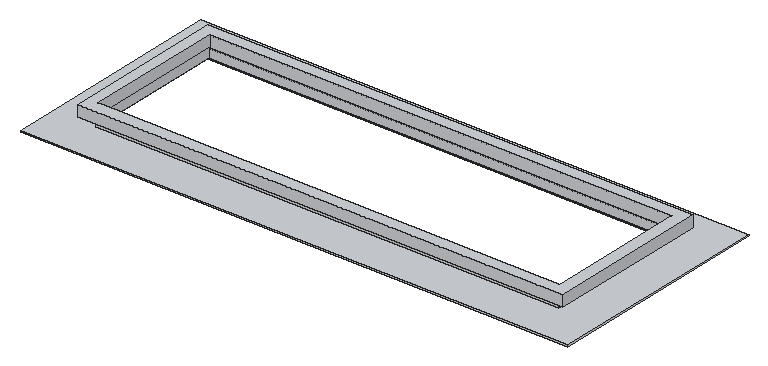
Revit family "IOSK5", category Generic Models, host Face, Revit 2019
Family settings
  Host = Face
  Can host rebar = No
  Round Connector Dimension = Use Diameter
  Part Type = Normal
  Cut with Voids When Loaded = No
  Shared = No
  Room Calculation Point = No
Parameters
  Default Elevation = 48.00"
Reference planes (in)
  plane 1 "Center (Front/Back)": y = 0
  plane 2: z = 0
  plane 3 "Center (Left/Right)": x = 0
Forms (in)
  Extrusion 1, solid
    sketch origin (0, 0, 0) x (1, 0, 0) y (0, 1, 0)
      loop
        line (-36.625, 15.06) -> (-36.625, -15.06) -> (36.625, -15.06) -> (36.625, 15.06) -> (-36.625, 15.06)
      loop
        line (30.966, 9.279) -> (-30.966, 9.279) -> (-30.966, -9.279) -> (30.966, -9.279) -> (30.966, 9.279)
    from 0 to 0.15
  Extrusion 2, solid
    sketch origin (0, 0, 0) x (1, 0, 0) y (0, 1, 0)
      loop
        line (-30.935, 9.4835) -> (-30.935, -9.4835) -> (30.935, -9.4835) -> (30.935, 9.4835) -> (-30.935, 9.4835)
      loop
        line (30.84625, 9.279) -> (-30.84625, 9.279) -> (-30.84625, -9.279) -> (30.84625, -9.279) -> (30.84625, 9.279)
    from 1.4 to 0.15
  Extrusion 3, solid
    sketch origin (0, 0, 0) x (1, 0, 0) y (0, 1, 0)
      loop
        line (-32.378, 10.9015) -> (-32.378, -10.8105) -> (32.469, -10.8105) -> (32.469, 10.9015) -> (-32.378, 10.9015)
      loop
        line (30.935, 9.3925) -> (-30.869, 9.3925) -> (-30.869, -9.3015) -> (30.935, -9.3015) -> (30.935, 9.3925)
    from 2.9 to 1.4
Dimensions and locks (in)
  aligned and locked: plane 2 to host face
  aligned and locked: level to host face
